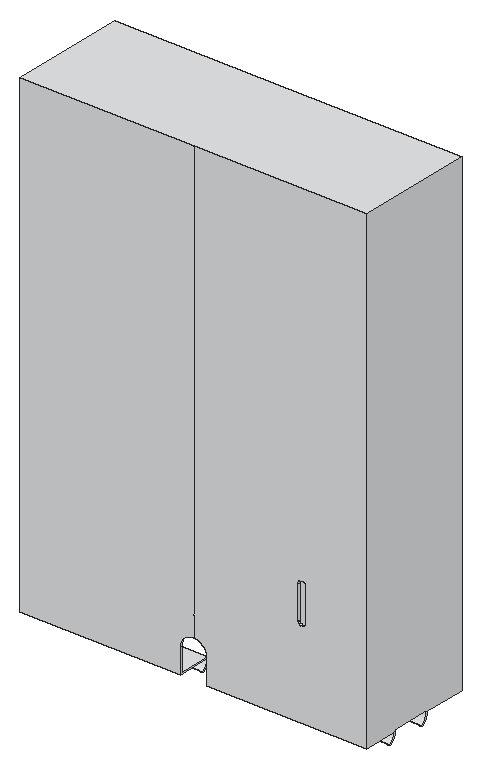
Revit family "Silver Stainless Steel Paper Dispenser Manual C Fold_IN", category Generic Models, Revit 2017
Family settings
  Can host rebar = No
  Round Connector Dimension = Use Diameter
  Part Type = Normal
  Work Plane-Based = No
  Always vertical = Yes
  Cut with Voids When Loaded = No
  Shared = No
  Room Calculation Point = No
Parameters
  Website = "https://dolphy.in/"  # constant formula
  M&L = Dolphy_CHROME
  Contact number = "+91 9520202035"  # constant formula
  Contact email = "info@dolphy.in"  # constant formula
  Company name = "Dolphy India"  # constant formula
Reference planes
  plane 1 "Center (Front/Back)": y = 0
  plane 2: z = 0
  plane 3 "Center (Left/Right)": x = 0
Forms (mm)
  Extrusion 1, solid, material "Dolphy_CHROME" <- "M&L"
    sketch origin (0, -90, 0) x (-1, 0, 0) y (0, -1, 0)
      loop
        line (0, 0) -> (-132.5, 0) -> (-132.5, -90) -> (0, -90) -> (132.5, -90) -> (132.5, 0) -> (0, 0)
      loop
        line (-131.3, -1.2) -> (-131.3, -88.8) -> (0, -88.8) -> (131.3, -88.8) -> (131.3, -1.2) -> (0, -1.2) -> (-131.3, -1.2)
    from 0 to 365
  Extrusion 2, solid, material "Dolphy_CHROME" <- "M&L"
    sketch origin (0, -90, 365) x (-1, 0, 0) y (0, -1, 0)
      loop
        line (-131.3, -88.8) -> (0, -88.8) -> (131.3, -88.8) -> (131.3, -1.2) -> (0, -1.2) -> (-131.3, -1.2) -> (-131.3, -88.8)
    from 0 to -1.2
  Extrusion 3, solid, material "Dolphy_CHROME" <- "M&L"
    sketch origin (0, -90, 0) x (0, -1, 0) y (-1, 0, 0)
      loop
        line (-88.8, 0) -> (-88.8, -131.3) -> (-1.2, -131.3) -> (-1.2, 0) -> (-1.2, 131.3) -> (-88.8, 131.3) -> (-88.8, 0)
    from 0 to -1.2
  Extrusion 4, void
    sketch origin (0, -90, 0) x (0, -1, 0) y (1, 0, 0)
      loop
        line (-26.2, 132.5) -> (-56.2, 132.5) -> (-56.2, -132.5) -> (-26.2, -132.5) -> (-26.2, 132.5)
    from 0 to 1.2
  Sweep 5, solid, material "Dolphy_CHROME" <- "M&L"
    path in 3D
      loop
        line (-132.5, -63.8, 0) -> (132.5, -63.8, 0)
    profile origin (0, -63.8, 0) x (0, -1, 0) y (0, 0, -1)
      loop
        line (0, 0) -> (0.796, -0.081)
        arc (0.796, -0.081) -> (2.05, 3.922) -> (4.78, 7.106) r 10.422
        arc (4.78, 7.106) -> (4.233, 7.398) -> (3.645, 7.199) r 0.781
        arc (3.645, 7.199) -> (1.153, 3.939) -> (0, 0) r 11.222
  Sweep 6, solid, material "Dolphy_CHROME" <- "M&L"
    path in 3D
      loop
        line (132.5, -33.8, 0) -> (-132.5, -33.8, 0)
    profile origin (0, -33.8, 0) x (0, 1, 0) y (0, 0, -1)
      loop
        line (0, 0) -> (0.804, 0)
        arc (0.804, 0) -> (-0.411, 4.243) -> (-3.074, 7.761) r 12.022
        arc (-3.074, 7.761) -> (-3.66, 7.963) -> (-4.21, 7.676) r 0.784
        arc (-4.21, 7.676) -> (-1.325, 4.266) -> (0, 0) r 11.222
  Extrusion 7, void
    sketch origin (-51.25, -90, 0) x (-1, 0, 0) y (0, 0, 1)
      loop
        arc (-41.25, 19.263) -> (-51.25, 29.263) -> (-61.25, 19.263) r 10
        line (-61.25, 19.263) -> (-61.25, -7.676) -> (-41.25, -7.676) -> (-41.25, 19.263)
    from 0 to 32.879
  Extrusion 8, void
    sketch origin (-51.25, -90, 0) x (-1, 0, 0) y (0, 0, 1)
      loop
        line (-137.204, 93.98) -> (-137.204, 68.98)
        arc (-137.204, 68.98) -> (-134.078, 65.853) -> (-130.952, 68.98) r 3.126
        line (-130.952, 68.98) -> (-130.952, 93.98)
        arc (-130.952, 93.98) -> (-134.078, 97.106) -> (-137.204, 93.98) r 3.126
    from 0 to 10
Cuts and joins
  Extrusion 4, Extrusion 7, Extrusion 8 cuts Extrusion 1
  Extrusion 4, Extrusion 7 cuts Extrusion 3
  joined: Extrusion 1, Extrusion 2, Extrusion 3
  Extrusion 7 cuts Sweep 5
Lines and regions (mm)
  sketch lines
    curve 1: line (-132.5, -63.8, 0) -> (132.5, -63.8, 0)
    curve 2: line (132.5, -33.8, 0) -> (-132.5, -33.8, 0)
Dimensions and locks
  aligned and locked: level to plane 2
